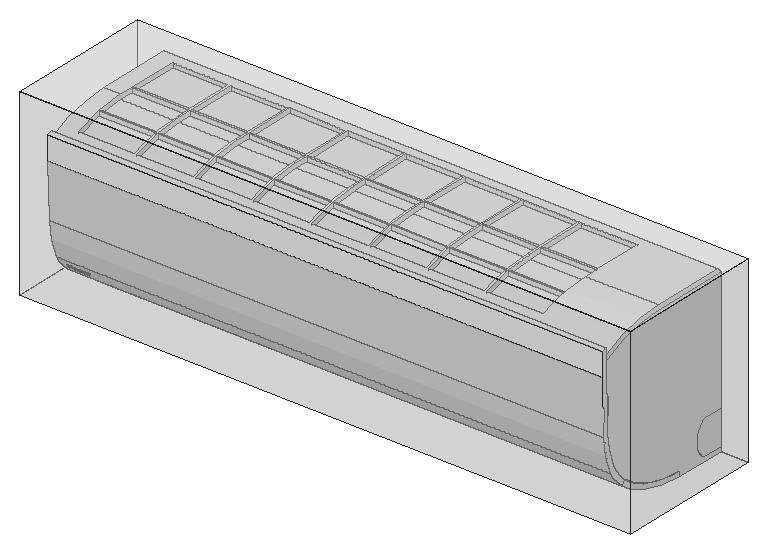
Revit family "outputfile", category 機械設備, Revit 2024
Family settings
  丸型コネクタ寸法 = 半径を使用
  パーツ タイプ = 標準
  OmniClass 番号 = 23.75.10.24.21.27.27
  OmniClass タイトル = Split System Air Conditioning Units
  作業面ベース = いいえ
  常に垂直 = はい
  ロード時にボイドで切り取り = いいえ
  注釈の向きを維持 = いいえ
  共有 = いいえ
  部屋計算ポイント = いいえ
Parameters (values of type "FTXV71QVMV")
  Description = ""
  書き出し IFC クラス(タイプ) = "IfcUnitaryEquipmentType"
  定義済み IFC タイプ(タイプ) = "AIRCONDITIONINGUNIT"
  Cost = 0
  Type Comments = ""
  Keynote = ""
  Type Image = (empty or 0)
  Assembly Code = ""
  w_wall hole = if(Width = 770.0 mm, 48.0 mm, 60.0 mm)  # 60.0 mm
  製造元 = "Daikin"
  モデル = "FTXV71QVMV"
  switch_frequency = yes
  r_Liquid Pipe Size = Liquid Pipe Size / 2  # 3.2 mm
  r_Gas Pipe Size = Gas Pipe Size / 2  # 7.95 mm
  r_Drain Pipe Size = Drain Pipe Size / 2  # 8.0 mm
  lw_powersupply [instance] = if(Width = 770.0 mm, if(or(Rear Right Connection_refrigerant, Bottom Right Connection_refrigerant), 25.0 mm, if(or(Rear Left Connection_refrigerant, Bottom Left Connection_refrigerant), 745.0 mm, 400.0 mm)), if(Width = 990.0 mm, if(or(Rear Right Connection_refrigerant, Bottom Right Connection_refrigerant), 40.0 mm, if(or(Rear Left Connection_refrigerant, Bottom Left Connection_refrigerant), 920.0 mm, 400.0 mm)), if(or(Rear Right Connection_refrigerant, Bottom Right Connection_refrigerant), 40.0 mm, if(or(Rear Left Connection_refrigerant, Bottom Left Connection_refrigerant), 920.0 mm, 400.0 mm))))  # 400.0 mm
  lw_liquidpipe [instance] = if(Width = 770.0 mm, if(or(Rear Right Connection_refrigerant, Bottom Right Connection_refrigerant), 0.0 mm, if(or(Rear Left Connection_refrigerant, Bottom Left Connection_refrigerant), 664.0 mm, 385.0 mm)), if(Width = 990.0 mm, if(or(Rear Right Connection_refrigerant, Bottom Right Connection_refrigerant), 0.0 mm, if(or(Rear Left Connection_refrigerant, Bottom Left Connection_refrigerant), 664.0 mm + (990.0 mm - 770.0 mm), 475.0 mm)), if(or(Rear Right Connection_refrigerant, Bottom Right Connection_refrigerant), 0.0 mm, if(or(Rear Left Connection_refrigerant, Bottom Left Connection_refrigerant), 664.0 mm + (990.0 mm - 770.0 mm), 475.0 mm))))  # 475.0 mm
  lw_gaspipe [instance] = if(Width = 770.0 mm, if(or(Rear Right Connection_refrigerant, Bottom Right Connection_refrigerant), 0.0 mm, if(or(Rear Left Connection_refrigerant, Bottom Left Connection_refrigerant), 675.0 mm, if(Gas Pipe Size = 12.7 mm, 345.0 mm, 335.0 mm))), if(Width = 990.0 mm, if(or(Rear Right Connection_refrigerant, Bottom Right Connection_refrigerant), 10.0 mm, if(or(Rear Left Connection_refrigerant, Bottom Left Connection_refrigerant), 890.0 mm, if(Gas Pipe Size = 15.9 mm, 410.0 mm, 400.0 mm))), if(or(Rear Right Connection_refrigerant, Bottom Right Connection_refrigerant), 10.0 mm, if(or(Rear Left Connection_refrigerant, Bottom Left Connection_refrigerant), 890.0 mm, if(Gas Pipe Size = 15.9 mm, 410.0 mm, 400.0 mm)))))  # 410.0 mm
  lw_drainpipe [instance] = if(Width = 770.0 mm, if(or(Rear Right Connection_refrigerant, Bottom Right Connection_refrigerant), 0.0 mm, if(or(Rear Left Connection_refrigerant, Bottom Left Connection_refrigerant), 770.0 mm - 48.0 mm - 48.0 mm, 440.0 mm)), if(Width = 990.0 mm, if(or(Rear Right Connection_refrigerant, Bottom Right Connection_refrigerant), 0.0 mm, if(or(Rear Left Connection_refrigerant, Bottom Left Connection_refrigerant), 675.0 mm + (990.0 mm - 770.0 mm), 435.0 mm)), if(or(Rear Right Connection_refrigerant, Bottom Right Connection_refrigerant), 0.0 mm, if(or(Rear Left Connection_refrigerant, Bottom Left Connection_refrigerant), 675.0 mm + (990.0 mm - 770.0 mm), 435.0 mm))))  # 435.0 mm
  l_powersupply_length [instance] = if(Width = 770.0 mm, if(Right Connection_refrigerant, 400.0 mm, if(Left Connection_refrigerant, 770.0 mm - 400.0 mm, if(or(Rear Left Connection_refrigerant, Rear Right Connection_refrigerant), 15.0 mm, 50.0 mm))), if(Width = 990.0 mm, if(Right Connection_refrigerant, 400.0 mm, if(Left Connection_refrigerant, 990.0 mm - 400.0 mm, if(or(Rear Left Connection_refrigerant, Rear Right Connection_refrigerant), 15.0 mm, 50.0 mm))), if(Right Connection_refrigerant, 400.0 mm, if(Left Connection_refrigerant, 990.0 mm - 400.0 mm, if(or(Rear Left Connection_refrigerant, Rear Right Connection_refrigerant), 15.0 mm, 50.0 mm)))))  # 400.0 mm
  l_liquidpipe_length [instance] = if(Width = 770.0 mm, if(Right Connection_refrigerant, 433.0 mm, if(Left Connection_refrigerant, 337.0 mm, if(or(Rear Left Connection_refrigerant, Rear Right Connection_refrigerant), 30.0 mm, 40.0 mm))), if(Width = 990.0 mm, if(Right Connection_refrigerant, 535.0 mm, if(Left Connection_refrigerant, 455.0 mm, if(or(Rear Left Connection_refrigerant, Rear Right Connection_refrigerant), 30.0 mm, 40.0 mm))), if(Right Connection_refrigerant, 535.0 mm, if(Left Connection_refrigerant, 455.0 mm, if(or(Rear Left Connection_refrigerant, Rear Right Connection_refrigerant), 30.0 mm, 40.0 mm)))))  # 535.0 mm
  l_gaspipe_length [instance] = if(Width = 770.0 mm, if(Right Connection_refrigerant, if(Gas Pipe Size = 12.7 mm, 393.0 mm, 383.0 mm), if(Left Connection_refrigerant, if(Gas Pipe Size = 12.7 mm, 770.0 mm - 393.0 mm, 770.0 mm - 383.0 mm), if(or(Rear Left Connection_refrigerant, Rear Right Connection_refrigerant), 40.0 mm, 50.0 mm))), if(Width = 990.0 mm, if(Right Connection_refrigerant, if(Gas Pipe Size = 15.9 mm, 470.0 mm, 460.0 mm), if(Left Connection_refrigerant, if(Gas Pipe Size = 15.9 mm, 990.0 mm - 470.0 mm, 990.0 mm - 460.0 mm), if(or(Rear Left Connection_refrigerant, Rear Right Connection_refrigerant), 40.0 mm, 50.0 mm))), if(Right Connection_refrigerant, if(Gas Pipe Size = 15.9 mm, 470.0 mm, 460.0 mm), if(Left Connection_refrigerant, if(Gas Pipe Size = 15.9 mm, 990.0 mm - 470.0 mm, 990.0 mm - 460.0 mm), if(or(Rear Left Connection_refrigerant, Rear Right Connection_refrigerant), 40.0 mm, 50.0 mm)))))  # 470.0 mm
  l_drainpipe_length [instance] = if(Width = 770.0 mm, if(Right Connection_refrigerant, 488.0 mm, if(Left Connection_refrigerant, 282.0 mm, if(or(Rear Left Connection_refrigerant, Rear Right Connection_refrigerant), 15.0 mm, 20.0 mm))), if(Width = 990.0 mm, if(Right Connection_refrigerant, 495.0 mm, if(Left Connection_refrigerant, 495.0 mm, if(or(Rear Left Connection_refrigerant, Rear Right Connection_refrigerant), 15.0 mm, 20.0 mm))), if(Right Connection_refrigerant, 495.0 mm, if(Left Connection_refrigerant, 495.0 mm, if(or(Rear Left Connection_refrigerant, Rear Right Connection_refrigerant), 15.0 mm, 20.0 mm)))))  # 495.0 mm
  h*** = 0.0 mm  # constant formula
  connector_voltage = Voltage_50Hz  # 230 V
  connector_powerinput = if([Power Input (Cooling)] > [Power Input (Heating)], [Power Input (Cooling)], [Power Input (Heating)])  # 0.000 kW
  connector_phase = Phase_50Hz  # 1
  angle_vertical [instance] = if(or(Bottom Left Connection_refrigerant, Bottom Right Connection_refrigerant), 0.00°, 90.00°)  # 90.00°
  angle_horizontal [instance] = if(Right Connection_refrigerant, 90.00°, if(Left Connection_refrigerant, -90.00°, if(or(Rear Left Connection_refrigerant, Rear Right Connection_refrigerant), 180.00°, 0.00°)))  # 90.00°
  Width = 990.0 mm
  Voltage_comment_50Hz = "220 - 240"
  Voltage_50Hz = 230 V
  Version = "ver.1.0"
  Unit Type = "Wall Mounted"
  Unit Mass Weight = 13.00 kg
  Unit Designation [instance] = ""
  Uniclass2015Version = "Products v1.30"
  Uniclass2015Title = "Split coil room air conditioning units"
  Uniclass2015Code = "Pr_70_65_03_86"
  URL = ""
  Total Heating Capacity [instance] = 0.000 kW
  Total Cooling Capacity [instance] = 0.000 kW
  Sound Pressure Level_M speed (dBA) = 45
  Sound Pressure Level_L speed (dBA) = 37
  Sound Pressure Level_H speed (dBA) = 49
  Sound Power Level_H speed (dB) = 0
  Series = "Single Split_Fan Coil Unit"
  Sensible Cooling Capacity [instance] = 0.000 kW
  Refrigerant Type = "R32"
  Power Input (Heating) = 0.000 kW
  Power Input (Cooling) = 0.000 kW
  Phase_50Hz = 1
  Option Accessory 3 [instance] = ""
  Option Accessory 2 [instance] = ""
  Option Accessory 1 [instance] = ""
  Nominal Heating Capacity = 8.000 kW
  Nominal Cooling Capacity = 7.100 kW
  Minimum Circuit Amps_50Hz = 0.0 A
  Minimum Airflow = 738.00 m³/h
  Median Airflow = 936.00 m³/h
  Maximum Fuse Amps_50Hz = 0.0 A
  Maximum Airflow = 1120.00 m³/h
  Material_Casing = DAIKIN_PureWhite_Casing_indoorunit
  Load Classification = HVAC
  Liquid Pipe Size = 6.4 mm
  Link_Nested Family [instance] = ""
  IfcVersion = ""
  IfcExportType = "AIRCONDITIONINGUNIT"
  IfcExportAs = "IfcUnitaryEquipmentType"
  Height = 295.0 mm
  Heating Entering Wet Bulb Temperature [instance] = 0.00 °C
  Heating Entering Dry Bulb Temperature [instance] = 0.00 °C
  Heating Ambient Wet Bulb Temperature [instance] = 0.00 °C
  Heating Ambient Dry Bulb Temperature [instance] = 0.00 °C
  Heat Exchanger Type = "Cross Fin Coil"
  Gas Pipe Size = 15.9 mm
  Frequency_50Hz = 50 Hz
  Fan Type = "Cross Flow Fan"
  Fan Drive = "Direct Drive"
  FCU Tag No. [instance] = ""
  Drain Pipe Size = 16.0 mm
  Design Supply Airflow [instance] = 0.00 m³/h
  Depth = 263.0 mm
  既定の高さ = 0.0 mm
  Cooling Entering Wet Bulb Temperature [instance] = 0.00 °C
  Cooling Entering Dry Bulb Temperature [instance] = 0.00 °C
  Cooling Ambient Wet Bulb Temperature [instance] = 0.00 °C
  Cooling Ambient Dry Bulb Temperature [instance] = 0.00 °C
  Clearance visibility [instance] = yes
  Clearance Top = 30.0 mm
  Clearance Right = 50.0 mm
  Clearance Rear = 0.0 mm
  Clearance Left = 50.0 mm
  Clearance Front = 0.0 mm
  Clearance Bottom = 0.0 mm
  Bottom Right Connection_refrigerant [instance] = no
  Bottom Left Connection_refrigerant [instance] = no
  Rear Right Connection_refrigerant [instance] = no
  Rear Left Connection_refrigerant [instance] = no
  Right Connection_refrigerant [instance] = yes
  Left Connection_refrigerant [instance] = no
Reference planes
  plane 1 "Back": y = 0
  plane 2: z = 0
  plane 3 "Center (Left/Right)": x = 0
  plane 4 "Center (Front/Back)": y = -131.5
  plane 5 "Front": y = -263
  plane 6 "Left": x = -495
  plane 7 "Right": x = 495
  plane 8 "Top": z = 0
  plane 9 "Bottom": z = -295
  plane 10: x = -545
  plane 11: x = 545
  plane 12: y = 0
  plane 13: y = -263
  plane 14: z = 30
  plane 15: z = -295
  plane 16 "lw_Piping and Wiring intake": x = 435
  plane 17 "lw_gaspipe": x = 25
  plane 18 "lw_liquidpipe": x = -40
  plane 19 "lw_drainpipe": x = 0
  plane 20 "lh_drainpipe": z = -275
  plane 21 "lh_liquidpipe": z = -255
  plane 22 "lh_gaspipe": z = -245
  plane 23 "ld_drainpipe": y = -15
  plane 24 "ld_liquidpipe": y = -30
  plane 25 "ld_gaspipe": y = -40
  plane 26 "lw_powersupply": x = 95
Dimensions and locks
  equal spacing: plane 6 "Left", plane 3 "Center (Left/Right)", plane 7 "Right"
  "Width": plane 6 "Left" to plane 7 "Right"
  equal spacing: plane 5 "Front", plane 4 "Center (Front/Back)", plane 1 "Back"
  "Depth": plane 5 "Front" to plane 1 "Back"
  "Height": plane 8 "Top" to plane 9 "Bottom"
  "Clearance Rear": plane 12 to plane 1 "Back"
  "Clearance Front": plane 13 to plane 5 "Front"
  "Clearance Top": plane 14 to plane 8 "Top"
  "Clearance Bottom": plane 9 "Bottom" to plane 15
  "w_wall hole": plane 16 "lw_Piping and Wiring intake" to plane 7 "Right"
  "lw_gaspipe": plane 17 "lw_gaspipe" to plane 16 "lw_Piping and Wiring intake"
  "lw_liquidpipe": plane 18 "lw_liquidpipe" to plane 16 "lw_Piping and Wiring intake"
  "lw_drainpipe": plane 19 "lw_drainpipe" to plane 16 "lw_Piping and Wiring intake"
  locked: plane 20 "lh_drainpipe" to plane 9 "Bottom" at 20
  locked: plane 21 "lh_liquidpipe" to plane 9 "Bottom" at 40
  locked: plane 22 "lh_gaspipe" to plane 9 "Bottom" at 50
  locked: plane 23 "ld_drainpipe" to plane 1 "Back" at 15
  locked: plane 1 "Back" to plane 24 "ld_liquidpipe" at 30
  locked: plane 1 "Back" to plane 25 "ld_gaspipe" at 40
  "lw_powersupply": plane 26 "lw_powersupply" to plane 7 "Right"
  "Clearance Left": plane 10 to plane 6 "Left"
  "Clearance Right": plane 7 "Right" to plane 11
  aligned and locked: level to plane 2
  aligned and locked: plane 12 to nested 1
  aligned and locked: nested 1 to plane 13
  aligned and locked: plane 10 to nested 1
  aligned and locked: plane 11 to nested 1
  aligned and locked: plane 15 to nested 1
  aligned and locked: plane 14 to nested 1
  aligned and locked: plane 17 "lw_gaspipe" to nested 2
  aligned and locked: nested 2 to plane 25 "ld_gaspipe"
  aligned and locked: plane 18 "lw_liquidpipe" to nested 3
  aligned and locked: nested 3 to plane 24 "ld_liquidpipe"
  aligned and locked: plane 19 "lw_drainpipe" to nested 4
  aligned and locked: nested 4 to plane 23 "ld_drainpipe"
  aligned and locked: nested 5 to plane 23 "ld_drainpipe"
  aligned and locked: plane 26 "lw_powersupply" to nested 5
  aligned and locked: level to plane 8 "Top"
  aligned and locked: plane 3 "Center (Left/Right)" to nested 6
  aligned and locked: plane 1 "Back" to nested 6
  aligned and locked: plane 8 "Top" to nested 6
Nested families
  nested 1: "daikin_clearancespace" at (0, -131.5, -132.381), show <- "Clearance visibility", visible <- "Clearance visibility", Link_Nested Family <- "Link_Nested Family", type "daikin_clearancespace"
    with width 1090.0 mm, show yes, height 325.0 mm, depth 263.0 mm, Link_Nested Family ""
  nested 2: "daikin_connector_rotate3" at (25, -40, -245), angle_vertical <- "angle_vertical", angle_horizontal <- "angle_horizontal", length <- "l_gaspipe_length", radius <- "r_Gas Pipe Size", type "daikin_connector_rotate3"
    with show no, radius 7.95 mm, length 470.0 mm, angle_vertical 90.00°, angle_horizontal 90.00°
  nested 3: "daikin_connector_rotate3" at (-40, -30, -255), angle_vertical <- "angle_vertical", angle_horizontal <- "angle_horizontal", radius <- "r_Liquid Pipe Size", length <- "l_liquidpipe_length", type "daikin_connector_rotate3"
    with show no, radius 3.2 mm, length 535.0 mm, angle_vertical 90.00°, angle_horizontal 90.00°
  nested 4: "daikin_connector_rotate3" at (0, -15, -275), angle_vertical <- "angle_vertical", angle_horizontal <- "angle_horizontal", length <- "l_drainpipe_length", radius <- "r_Drain Pipe Size", type "daikin_connector_rotate3"
    with show no, radius 8.0 mm, length 495.0 mm, angle_vertical 90.00°, angle_horizontal 90.00°
  nested 5: "daikin_connector_rotate3" at (95, -15, -245), angle_vertical <- "angle_vertical", angle_horizontal <- "angle_horizontal", length <- "l_powersupply_length", type "daikin_connector_rotate3"
    with show no, radius 10.0 mm, length 400.0 mm, angle_vertical 90.00°, angle_horizontal 90.00°
  nested 6: "DAIKIN_indoorunit_FTXV-QVMV" at (-31, 0, 0), type "FTXV-QVMV"
    with switch_unit1_50-71 yes, switch_unit1_25-35 no, Width 990.0 mm, WALL HOLE-R 60.0 mm, WALL HOLE Size 80.0 mm, Height 295.0 mm
Connectors
  piping at (495, -40, -245), diameter 15.9, driven by "r_Gas Pipe Size"
    settings: on nested 2, index 1, connector inside diameter 609.6 mm, connector length 0.0 mm, flow factor 0, pipe flow 0.00 m³/h, pressure drop 0.0 Pa, fitting loss kfactor 0, connector angle 0.00°, fixture units 0, engagement length 0.0 mm, angle of deflection 0.00°, flow configuration 1, flow direction 2, fitting loss method 0, system type 29, joint type 0, gender type 0, connector reference index -1, connector utility 0, adjustable connector no, is connector primary yes, connector description "Refrigerant Gas Piping"
  piping at (495, -30, -255), diameter 6.4, driven by "r_Liquid Pipe Size"
    settings: on nested 3, index 2, connector inside diameter 609.6 mm, connector length 0.0 mm, flow factor 0, pipe flow 0.00 m³/h, pressure drop 0.0 Pa, fitting loss kfactor 0, connector angle 0.00°, fixture units 0, engagement length 0.0 mm, angle of deflection 0.00°, flow configuration 1, flow direction 1, fitting loss method 0, system type 29, joint type 0, gender type 0, connector reference index -1, connector utility 0, adjustable connector no, is connector primary no, connector description "Refrigerant Liquid Piping"
  piping at (495, -15, -275), diameter 16, driven by "r_Drain Pipe Size"
    settings: on nested 4, index 3, connector inside diameter 609.6 mm, connector length 0.0 mm, flow factor 0, pipe flow 0.00 m³/h, pressure drop 0.0 Pa, fitting loss kfactor 0, connector angle 0.00°, fixture units 0, engagement length 0.0 mm, angle of deflection 0.00°, flow configuration 1, flow direction 2, fitting loss method 4, system type 16, joint type 0, gender type 0, connector reference index -1, connector utility 0, adjustable connector no, is connector primary no, connector description "Condensate Drain Piping"
  electrical at (495, -15, -245), driven by "Load Classification", driven by "connector_powerinput", driven by "connector_phase", driven by "connector_voltage"
    settings: on nested 5, index 4, voltage 230 V, apparent load 0 VA, apparent load phase1 0 VA, apparent load phase2 0 VA, apparent load phase3 0 VA, power factor 1, load classification "HVAC", number of poles 1, system type 30, power factor state 1, is connector primary yes, connector utility no, sub classification motor no, connector description "Power Supply"
Definition of nested family "daikin_clearancespace"
  Parameters (values of type "daikin_clearancespace")
    Description = "daikin_clearancespace"
    width [instance] = 1823.963 mm
    show [instance] = yes
    material = none
    height [instance] = 1359.762 mm
    depth [instance] = 880.0 mm
    Default Elevation = 0.0 mm
    Link_Nested Family [instance] = ""
  Reference planes
    plane 1 "Center (Front/Back)": y = 0
    plane 2 "Center (Elevation)": z = -0.119
    plane 3 "Center (Left/Right)": x = 0
    plane 4: y = 440
    plane 5: y = -440
    plane 6 "Right": x = 911.982
    plane 7 "Left": x = -911.982
    plane 8 "Top": z = 679.762
    plane 9 "Bottom": z = -680
  Forms (mm)
    Extrusion 1, solid, material <- "material", visible <- "show"
      sketch origin (0, 0, 0) x (1, 0, 0) y (0, 1, 0)
        loop
          line (-911.982, 440) -> (-911.982, -440) -> (911.982, -440) -> (911.982, 440) -> (-911.982, 440)
      from -680 to 679.762
  Lines and regions (mm)
    symbolic lines, visible <- "show"
      curve 1: line (911.982, 440, 0) -> (-911.982, 440, 0)
      curve 2: line (-911.982, 440, 0) -> (-911.982, -440, 0)
      curve 3: line (-911.982, -440, 0) -> (911.982, -440, 0)
      curve 4: line (911.982, -440, 0) -> (911.982, 440, 0)
      curve 5: line (911.982, 0, 679.762) -> (-911.982, 0, 679.762)
      curve 6: line (911.982, 0, -680) -> (911.982, 0, 679.762)
      curve 7: line (-911.982, 0, -680) -> (911.982, 0, -680)
      curve 8: line (-911.982, 0, 679.762) -> (-911.982, 0, -680)
      curve 9: line (0, 440, 679.762) -> (0, -440, 679.762)
      curve 10: line (0, -440, 679.762) -> (0, -440, -680)
      curve 11: line (0, 440, -680) -> (0, 440, 679.762)
      curve 12: line (0, -440, -680) -> (0, 440, -680)
  Dimensions and locks
    "width": plane 7 "Left" to plane 6 "Right"
    "depth": plane 4 to plane 5
    "height": plane 8 "Top" to plane 9 "Bottom"
    equal spacing: plane 7 "Left", plane 3 "Center (Left/Right)", plane 6 "Right"
    equal spacing: plane 4, plane 1 "Center (Front/Back)", plane 5
    equal spacing: plane 8 "Top", plane 2 "Center (Elevation)", plane 9 "Bottom"
    aligned and locked: level to plane 2 "Center (Elevation)"
    aligned and locked: Extrusion 1 sketch curve to plane 4
    aligned and locked: plane 7 "Left" to Extrusion 1 sketch curve
    aligned and locked: Extrusion 1 sketch curve to plane 5
    aligned and locked: Extrusion 1 sketch curve to plane 6 "Right"
    aligned and locked: plane 8 "Top" to Extrusion 1
    aligned and locked: curve 1 to Extrusion 1
    aligned and locked: curve 2 to Extrusion 1
    aligned and locked: curve 3 to Extrusion 1
    aligned and locked: curve 4 to Extrusion 1
    aligned and locked: curve 5 to Extrusion 1
    aligned and locked: curve 6 to Extrusion 1
    aligned and locked: curve 7 to Extrusion 1
    aligned and locked: curve 8 to Extrusion 1
    aligned and locked: curve 9 to Extrusion 1
    aligned and locked: curve 10 to Extrusion 1
    aligned and locked: curve 11 to Extrusion 1
    aligned and locked: curve 12 to Extrusion 1
    aligned and locked: Extrusion 1 to plane 9 "Bottom"
Definition of nested family "DAIKIN_indoorunit_FTXV-QVMV"
  Parameters (values of type "CTKM-RVMV")
    switch_unit1_50-71 = Width = 990.0 mm  # no
    switch_unit1_25-35 = Width = 770.0 mm  # yes
    Width = 770.0 mm
    WALL HOLE-R = if(Width = 770.0 mm, 48.0 mm, 60.0 mm)  # 48.0 mm
    WALL HOLE Size = if(Width = 770.0 mm, 65.0 mm, 80.0 mm)  # 65.0 mm
    Material_Casing = none
    Height = if(Width = 770.0 mm, 285.0 mm, 295.0 mm)  # 285.0 mm
    Default Elevation = 0.0 mm
  Reference planes
    plane 1 "Center (Front/Back)": y = 0
    plane 2 "reference_level": z = 0
    plane 3 "Center (Left/Right)": x = 31
    plane 4: x = -354
    plane 5: x = 416
    plane 6: z = -285
  Forms (mm)
    Extrusion 1, solid, material <- "Material_Casing", visible <- "switch_unit1_25-35"
      sketch origin (29, 0, 0) x (0, 1, 0) y (0, 0, 1)
        loop
          line (-5, 0) -> (-98, 0)
          arc (-98, 0) -> (-157.611, -7.211) -> (-213.783, -28.427) r 250
          arc (-213.783, -28.427) -> (-213.842, -32.972) -> (-213.892, -37.516) r 2191
          arc (-213.892, -37.516) -> (-157.832, -15.495) -> (-98.07, -8) r 242
          line (-98.07, -8) -> (0, -8) -> (-5, 0)
      from -383 to 387
    Extrusion 2, solid, material <- "Material_Casing", visible <- "switch_unit1_25-35"
      sketch origin (416, 1296.25, 1200) x (0, 1, 0) y (0, 0, 1)
        loop
          line (-1472.998, -1446.91) -> (-1476.998, -1453.839)
          arc (-1476.998, -1453.839) -> (-1437.481, -1472.422) -> (-1395.25, -1483.538) r 240
          line (-1395.25, -1483.538) -> (-1395.25, -1475.422)
          arc (-1395.25, -1475.422) -> (-1435.407, -1464.663) -> (-1472.998, -1446.91) r 232
      from 0 to -47.5
    Extrusion 3, solid, material <- "Material_Casing", visible <- "switch_unit1_25-35"
      sketch origin (29, 0, 0) x (0, 1, 0) y (0, 0, 1)
        loop
          arc (-223, -60.455) -> (-222.414, -110.646) -> (-220.656, -160.81) r 2149.92
          arc (-220.656, -160.81) -> (-219.65, -174.299) -> (-217.853, -187.706) r 229.911
          arc (-217.853, -187.706) -> (-205.371, -223.594) -> (-181.517, -253.17) r 111
          line (-181.517, -253.17) -> (-177.429, -246.093)
          arc (-177.429, -246.093) -> (-198.77, -218.989) -> (-209.965, -186.36) r 103
          arc (-209.965, -186.36) -> (-211.681, -173.586) -> (-212.651, -160.735) r 221.844
          arc (-212.651, -160.735) -> (-214.739, -93.233) -> (-214.74, -25.699) r 2186.828
          arc (-214.74, -25.699) -> (-214.671, -21.467) -> (-214.594, -17.235) r 2192
          line (-214.594, -17.235) -> (-223, -19.961) -> (-223, -60.455)
      from -383 to 387
    Extrusion 4, solid, material <- "Material_Casing", visible <- "switch_unit1_25-35"
      sketch origin (29, 0, -20) x (0, 1, 0) y (0, 0, 1)
        loop
          line (0, -265) -> (0, 12) -> (-98.07, 12)
          arc (-98.07, 12) -> (-157.832, 4.505) -> (-213.892, -17.516) r 242
          arc (-213.892, -17.516) -> (-213.638, -79.114) -> (-211.653, -140.681) r 2191
          arc (-211.653, -140.681) -> (-210.685, -153.501) -> (-208.973, -166.243) r 221
          arc (-208.973, -166.243) -> (-197.471, -199.282) -> (-175.482, -226.491) r 102
          arc (-175.482, -226.491) -> (-138.004, -244.019) -> (-98, -254.579) r 231
          line (-98, -254.579) -> (-98, -265) -> (0, -265)
      from -383 to 387
    Extrusion 5, solid, material <- "Material_Casing", visible <- "switch_unit1_25-35"
      sketch origin (-354, 1296.25, 1200) x (0, 1, 0) y (0, 0, 1)
        loop
          line (-1472.998, -1446.91) -> (-1476.998, -1453.839)
          arc (-1476.998, -1453.839) -> (-1437.481, -1472.422) -> (-1395.25, -1483.538) r 240
          line (-1395.25, -1483.538) -> (-1395.25, -1475.422)
          arc (-1395.25, -1475.422) -> (-1435.407, -1464.663) -> (-1472.998, -1446.91) r 232
      from 47 to 0
    Extrusion 6, solid, material <- "Material_Casing", visible <- "switch_unit1_25-35"
      sketch origin (416, 1296.25, 1200) x (0, 1, 0) y (0, 0, 1)
        loop
          line (-1472.998, -1446.91) -> (-1476.998, -1453.839)
          arc (-1476.998, -1453.839) -> (-1443.437, -1470.168) -> (-1407.75, -1481.097) r 240
          line (-1407.75, -1481.097) -> (-1407.75, -1472.894)
          arc (-1407.75, -1472.894) -> (-1441.363, -1462.385) -> (-1472.998, -1446.91) r 232
      from -116.993 to -48.493
    Extrusion 7, solid, material <- "Material_Casing", visible <- "switch_unit1_25-35"
      sketch origin (416, 1296.25, 1200) x (0, 1, 0) y (0, 0, 1)
        loop
          line (-1472.998, -1446.91) -> (-1476.998, -1453.839)
          arc (-1476.998, -1453.839) -> (-1443.437, -1470.168) -> (-1407.75, -1481.097) r 240
          line (-1407.75, -1481.097) -> (-1407.75, -1472.894)
          arc (-1407.75, -1472.894) -> (-1441.363, -1462.385) -> (-1472.998, -1446.91) r 232
      from -717 to -121.993
    Extrusion 8, void
      sketch origin (31, 0, -235) x (1, 0, 0) y (0, 1, 0)
        loop
          line (-252.674, -22.316) -> (-354.941, -22.316) -> (-354.941, -91.341) -> (-252.674, -91.341) -> (-252.674, -22.316)
        loop
          line (-249.341, -91.341) -> (-151.574, -91.341) -> (-151.574, -22.316) -> (-249.341, -22.316) -> (-249.341, -91.341)
        loop
          line (58.309, -22.316) -> (-148.309, -22.316) -> (-148.309, -91.341) -> (58.309, -91.341) -> (58.309, -22.316)
        loop
          line (61.689, -22.316) -> (61.689, -91.341) -> (159.457, -91.341) -> (159.457, -22.316) -> (61.689, -22.316)
        loop
          line (162.789, -22.316) -> (162.789, -91.341) -> (265.057, -91.341) -> (265.057, -22.316) -> (162.789, -22.316)
        loop
          line (-354.941, -94.659) -> (-354.941, -165.259) -> (-252.674, -165.259) -> (-252.674, -94.659) -> (-354.941, -94.659)
        loop
          line (-249.341, -94.659) -> (-249.341, -165.259) -> (-151.574, -165.259) -> (-151.574, -94.659) -> (-249.341, -94.659)
        loop
          line (-148.309, -94.659) -> (-148.309, -165.259) -> (58.309, -165.259) -> (58.309, -94.659) -> (-148.309, -94.659)
        loop
          line (61.689, -94.659) -> (61.689, -165.259) -> (159.457, -165.259) -> (159.457, -94.659) -> (61.689, -94.659)
        loop
          line (162.789, -94.659) -> (162.789, -165.259) -> (265.057, -165.259) -> (265.057, -94.659) -> (162.789, -94.659)
        loop
          line (-354.941, -167.382) -> (-354.941, -192.681) -> (-252.674, -192.681) -> (-252.674, -167.382) -> (-354.941, -167.382)
        loop
          line (-249.341, -167.382) -> (-249.341, -192.681) -> (-151.574, -192.681) -> (-151.574, -167.382) -> (-249.341, -167.382)
        loop
          line (-148.309, -167.382) -> (-148.309, -192.681) -> (58.309, -192.681) -> (58.309, -167.382) -> (-148.309, -167.382)
        loop
          line (159.457, -167.382) -> (61.689, -167.382) -> (61.689, -192.681) -> (159.457, -192.681) -> (159.457, -167.382)
        loop
          line (265.057, -167.382) -> (162.789, -167.382) -> (162.789, -192.681) -> (265.057, -192.681) -> (265.057, -167.382)
      from 201.638 to 250
    Extrusion 9, solid, material <- "Material_Casing"
      sketch origin (31, 0, 0) x (1, 0, 0) y (0, 0, 1)
        loop
          circle (337, -240.5) r 32.5
        loop
          circle (-337, -240.5) r 32.5
      from 0 to 5
    Extrusion 10, solid, material <- "Material_Casing", visible <- "switch_unit1_25-35"
      sketch origin (416, 1296.25, 1200) x (0, -1, 0) y (0, 0, 1)
        loop
          line (1326.25, -1417) -> (1296.25, -1417) -> (1296.25, -1477) -> (1326.25, -1477)
          arc (1326.25, -1477) -> (1340.393, -1471.142) -> (1346.25, -1457) r 20
          line (1346.25, -1457) -> (1346.25, -1437)
          arc (1346.25, -1437) -> (1340.393, -1422.858) -> (1326.25, -1417) r 20
      from 0 to 5
    Extrusion 11, solid, material <- "Material_Casing", visible <- "switch_unit1_25-35"
      sketch origin (-354, 1296.25, 1200) x (0, 1, 0) y (0, 0, 1)
        loop
          line (-1296.25, -1417) -> (-1326.25, -1417)
          arc (-1326.25, -1417) -> (-1340.393, -1422.858) -> (-1346.25, -1437) r 20
          line (-1346.25, -1437) -> (-1346.25, -1457)
          arc (-1346.25, -1457) -> (-1340.393, -1471.142) -> (-1326.25, -1477) r 20
          line (-1326.25, -1477) -> (-1296.25, -1477) -> (-1296.25, -1417)
      from 0 to 5
    Extrusion 12, solid, material <- "Material_Casing", visible <- "switch_unit1_25-35"
      sketch origin (31, 0, -285) x (-1, 0, 0) y (0, -1, 0)
        loop
          line (-314, 0) -> (-314, 30)
          arc (-314, 30) -> (-319.858, 44.142) -> (-334, 50) r 20
          line (-334, 50) -> (-354, 50)
          arc (-354, 50) -> (-368.142, 44.142) -> (-374, 30) r 20
          line (-374, 30) -> (-374, 0) -> (-314, 0)
        loop
          line (374, 0) -> (374, 30)
          arc (374, 30) -> (368.142, 44.142) -> (354, 50) r 20
          line (354, 50) -> (334, 50)
          arc (334, 50) -> (319.858, 44.142) -> (314, 30) r 20
          line (314, 30) -> (314, 0) -> (374, 0)
      from 0 to 5
    Extrusion 13, solid, material <- "Material_Casing", visible <- "switch_unit1_50-71"
      sketch origin (31, 0, 0) x (0, 1, 0) y (0, 0, 1)
        loop
          line (-5, 0) -> (-138, 0)
          arc (-138, 0) -> (-197.611, -7.211) -> (-253.783, -28.427) r 250
          arc (-253.783, -28.427) -> (-253.838, -32.687) -> (-253.886, -36.946) r 2191
          arc (-253.886, -36.946) -> (-197.73, -15.346) -> (-138.014, -8) r 246.393
          line (-138.014, -8) -> (0, -8) -> (-5, 0)
      from -495 to 495
    Extrusion 14, solid, material <- "Material_Casing", visible <- "switch_unit1_50-71"
      sketch origin (418, 1296.25, 1200) x (0, 1, 0) y (0, 0, 1)
        loop
          arc (-1515.208, -1454.149) -> (-1506.856, -1460.599) -> (-1497.925, -1466.219) r 110
          arc (-1497.925, -1466.219) -> (-1445.718, -1487.493) -> (-1389.844, -1494.995) r 223
          line (-1389.844, -1494.995) -> (-1389.844, -1486.086) -> (-1404.386, -1486.086)
          arc (-1404.386, -1486.086) -> (-1449.542, -1477.46) -> (-1491.818, -1459.402) r 214.289
          arc (-1491.818, -1459.402) -> (-1501.056, -1453.541) -> (-1509.606, -1446.715) r 101
          line (-1509.606, -1446.715) -> (-1515.208, -1454.149)
      from 108 to 57.5
    Extrusion 15, solid, material <- "Material_Casing", visible <- "switch_unit1_50-71"
      sketch origin (31, 0, 0) x (0, 1, 0) y (0, 0, 1)
        loop
          line (-263, -19.962) -> (-263, -61.6)
          arc (-263, -61.6) -> (-262.414, -110.219) -> (-260.656, -158.81) r 2017.341
          arc (-260.656, -158.81) -> (-255.648, -191.935) -> (-244.041, -223.362) r 164.725
          arc (-244.041, -223.362) -> (-233.569, -239.793) -> (-219.717, -253.495) r 87.379
          line (-219.717, -253.495) -> (-214.706, -246.846)
          arc (-214.706, -246.846) -> (-229.564, -230.029) -> (-240.385, -210.371) r 102
          arc (-240.385, -210.371) -> (-249.049, -182.962) -> (-252.848, -154.467) r 165.789
          arc (-252.848, -154.467) -> (-254.771, -90.102) -> (-254.74, -25.708) r 2122.533
          arc (-254.74, -25.708) -> (-254.671, -21.469) -> (-254.594, -17.23) r 2192
          line (-254.594, -17.23) -> (-263, -19.962)
      from -495 to 495
    Extrusion 16, void
      sketch origin (33, 0, 0) x (1, 0, 0) y (0, 1, 0)
        loop
          line (-466.909, -22.316) -> (-466.909, -111.341) -> (-366.303, -111.341) -> (-366.303, -22.316) -> (-466.909, -22.316)
        loop
          line (-362.71, -22.316) -> (-362.71, -111.341) -> (-262.103, -111.341) -> (-262.103, -22.316) -> (-362.71, -22.316)
        loop
          line (-258.51, -22.316) -> (-258.51, -111.341) -> (-157.904, -111.341) -> (-157.904, -22.316) -> (-258.51, -22.316)
        loop
          line (-154.31, -22.316) -> (-154.31, -111.341) -> (-53.704, -111.341) -> (-53.704, -22.316) -> (-154.31, -22.316)
        loop
          line (-50.11, -22.316) -> (-50.11, -111.341) -> (50.496, -111.341) -> (50.496, -22.316) -> (-50.11, -22.316)
        loop
          line (54.089, -22.316) -> (54.089, -111.341) -> (154.696, -111.341) -> (154.696, -22.316) -> (54.089, -22.316)
        loop
          line (158.289, -22.316) -> (158.289, -111.341) -> (258.895, -111.341) -> (258.895, -22.316) -> (158.289, -22.316)
        loop
          line (262.489, -22.316) -> (262.489, -111.341) -> (363.095, -111.341) -> (363.095, -22.316) -> (262.489, -22.316)
        loop
          line (-466.909, -114.459) -> (-466.909, -185.059) -> (-366.303, -185.059) -> (-366.303, -114.459) -> (-466.909, -114.459)
        loop
          line (-362.71, -114.459) -> (-362.71, -185.059) -> (-262.103, -185.059) -> (-262.103, -114.459) -> (-362.71, -114.459)
        loop
          line (-258.51, -114.459) -> (-258.51, -185.059) -> (-157.904, -185.059) -> (-157.904, -114.459) -> (-258.51, -114.459)
        loop
          line (-154.31, -114.459) -> (-154.31, -185.059) -> (-53.704, -185.059) -> (-53.704, -114.459) -> (-154.31, -114.459)
        loop
          line (-50.11, -114.459) -> (-50.11, -185.059) -> (50.496, -185.059) -> (50.496, -114.459) -> (-50.11, -114.459)
        loop
          line (54.089, -114.459) -> (54.089, -185.059) -> (154.696, -185.059) -> (154.696, -114.459) -> (54.089, -114.459)
        loop
          line (158.289, -114.459) -> (158.289, -185.059) -> (258.895, -185.059) -> (258.895, -114.459) -> (158.289, -114.459)
        loop
          line (262.489, -114.459) -> (262.489, -185.059) -> (363.095, -185.059) -> (363.095, -114.459) -> (262.489, -114.459)
        loop
          line (-466.909, -187.382) -> (-466.909, -232.681) -> (-366.303, -232.681) -> (-366.303, -187.382) -> (-466.909, -187.382)
        loop
          line (-362.71, -187.382) -> (-362.71, -232.681) -> (-262.103, -232.681) -> (-262.103, -187.382) -> (-362.71, -187.382)
        loop
          line (-258.51, -187.382) -> (-258.51, -232.681) -> (-157.904, -232.681) -> (-157.904, -187.382) -> (-258.51, -187.382)
        loop
          line (-154.31, -187.382) -> (-154.31, -232.681) -> (-53.704, -232.681) -> (-53.704, -187.382) -> (-154.31, -187.382)
        loop
          line (-50.11, -187.382) -> (-50.11, -232.681) -> (50.496, -232.681) -> (50.496, -187.382) -> (-50.11, -187.382)
        loop
          line (54.089, -187.382) -> (54.089, -232.681) -> (154.696, -232.681) -> (154.696, -187.382) -> (54.089, -187.382)
        loop
          line (158.289, -187.382) -> (158.289, -232.681) -> (258.895, -232.681) -> (258.895, -187.382) -> (158.289, -187.382)
        loop
          line (262.489, -187.382) -> (262.489, -232.681) -> (363.095, -232.681) -> (363.095, -187.382) -> (262.489, -187.382)
      from -40.013 to 47.268
    Extrusion 17, solid, material <- "Material_Casing", visible <- "switch_unit1_50-71"
      sketch origin (-356, 1296.25, 1200) x (0, 1, 0) y (0, 0, -1)
        loop
          line (-1515.208, 1454.149) -> (-1509.606, 1446.715)
          arc (-1509.606, 1446.715) -> (-1501.056, 1453.541) -> (-1491.818, 1459.402) r 101
          arc (-1491.818, 1459.402) -> (-1449.542, 1477.46) -> (-1404.386, 1486.086) r 214.289
          line (-1404.386, 1486.086) -> (-1389.844, 1486.086) -> (-1389.844, 1494.995)
          arc (-1389.844, 1494.995) -> (-1445.718, 1487.493) -> (-1497.925, 1466.219) r 223
          arc (-1497.925, 1466.219) -> (-1506.856, 1460.599) -> (-1515.208, 1454.149) r 110
      from 108 to 61
    Extrusion 18, solid, material <- "Material_Casing", visible <- "switch_unit1_50-71"
      sketch origin (418, 1296.25, 1200) x (0, 1, 0) y (0, 0, 1)
        loop
          arc (-1515.208, -1454.149) -> (-1506.856, -1460.599) -> (-1497.925, -1466.219) r 110
          arc (-1497.925, -1466.219) -> (-1463.185, -1482.066) -> (-1426.25, -1491.755) r 223
          line (-1426.25, -1491.755) -> (-1426.25, -1483.166)
          arc (-1426.25, -1483.166) -> (-1460.008, -1473.969) -> (-1491.818, -1459.402) r 214.289
          arc (-1491.818, -1459.402) -> (-1501.056, -1453.541) -> (-1509.606, -1446.715) r 101
          line (-1509.606, -1446.715) -> (-1515.208, -1454.149)
      from 56.5 to -36.993
    Extrusion 19, solid, material <- "Material_Casing", visible <- "switch_unit1_50-71"
      sketch origin (418, 1296.25, 1200) x (0, 1, 0) y (0, 0, 1)
        loop
          arc (-1426.25, -1483.166) -> (-1443.442, -1479.224) -> (-1460.25, -1473.881) r 214.289
          line (-1460.25, -1473.881) -> (-1460.25, -1483.089)
          arc (-1460.25, -1483.089) -> (-1443.421, -1488.091) -> (-1426.25, -1491.755) r 223
          line (-1426.25, -1491.755) -> (-1426.25, -1483.166)
      from -43.493 to -828.893
    Extrusion 20, solid, material <- "Material_Casing", visible <- "switch_unit1_50-71"
      sketch origin (418, 1296.25, 1200) x (0, 1, 0) y (0, 0, 1)
        loop
          arc (-1515.208, -1454.149) -> (-1506.856, -1460.599) -> (-1497.925, -1466.219) r 110
          arc (-1497.925, -1466.219) -> (-1479.479, -1475.527) -> (-1460.25, -1483.089) r 223
          line (-1460.25, -1483.089) -> (-1460.25, -1473.881)
          arc (-1460.25, -1473.881) -> (-1476.328, -1467.282) -> (-1491.818, -1459.402) r 214.289
          arc (-1491.818, -1459.402) -> (-1501.056, -1453.541) -> (-1509.606, -1446.715) r 101
          line (-1509.606, -1446.715) -> (-1515.208, -1454.149)
      from -43.493 to -828.893
    Extrusion 21, solid, material <- "Material_Casing", visible <- "switch_unit1_50-71"
      sketch origin (31, 0, -30) x (0, 1, 0) y (0, 0, 1)
        loop
          line (0, 22) -> (-138.014, 22)
          arc (-138.014, 22) -> (-197.73, 14.654) -> (-253.886, -6.946) r 246.393
          arc (-253.886, -6.946) -> (-253.682, -65.635) -> (-251.855, -124.295) r 2120.935
          arc (-251.855, -124.295) -> (-248.086, -152.682) -> (-239.461, -179.988) r 164.789
          arc (-239.461, -179.988) -> (-228.903, -199.231) -> (-214.437, -215.738) r 101
          line (-214.437, -215.738) -> (-212.406, -216.221)
          arc (-212.406, -216.221) -> (-204.07, -222.837) -> (-195.079, -228.53) r 100
          arc (-195.079, -228.53) -> (-145.557, -248.629) -> (-92.593, -255.785) r 213.289
          line (-92.593, -255.785) -> (-92.593, -265) -> (0, -265) -> (0, 22)
      from -495 to 495
    Extrusion 22, solid, material <- "Material_Casing", visible <- "switch_unit1_50-71"
      sketch origin (526, 1296.25, 1200) x (0, -1, 0) y (0, 0, 1)
        loop
          line (1326.25, -1427.035) -> (1296.25, -1427.035) -> (1296.25, -1487.035) -> (1326.25, -1487.035)
          arc (1326.25, -1487.035) -> (1340.393, -1481.177) -> (1346.25, -1467.035) r 20
          line (1346.25, -1467.035) -> (1346.25, -1447.035)
          arc (1346.25, -1447.035) -> (1340.393, -1432.892) -> (1326.25, -1427.035) r 20
      from 0 to 5
    Extrusion 23, solid, material <- "Material_Casing", visible <- "switch_unit1_50-71"
      sketch origin (-459, 1296.25, 1200) x (0, -1, 0) y (0, 0, 1)
        loop
          line (1326.25, -1427.035) -> (1296.25, -1427.035) -> (1296.25, -1487.035) -> (1326.25, -1487.035)
          arc (1326.25, -1487.035) -> (1340.393, -1481.177) -> (1346.25, -1467.035) r 20
          line (1346.25, -1467.035) -> (1346.25, -1447.035)
          arc (1346.25, -1447.035) -> (1340.393, -1432.892) -> (1326.25, -1427.035) r 20
      from 0 to 5
    Extrusion 24, solid, material <- "Material_Casing", visible <- "switch_unit1_50-71"
      sketch origin (31, 200, -295) x (-1, 0, 0) y (0, -1, 0)
        loop
          line (469, 200) -> (469, 230)
          arc (469, 230) -> (463.142, 244.142) -> (449, 250) r 20
          line (449, 250) -> (429, 250)
          arc (429, 250) -> (414.858, 244.142) -> (409, 230) r 20
          line (409, 230) -> (409, 200) -> (469, 200)
        loop
          line (-469, 200) -> (-409, 200) -> (-409, 230)
          arc (-409, 230) -> (-414.858, 244.142) -> (-429, 250) r 20
          line (-429, 250) -> (-449, 250)
          arc (-449, 250) -> (-463.142, 244.142) -> (-469, 230) r 20
          line (-469, 230) -> (-469, 200)
      from 0 to 5
  Cuts and joins
    Extrusion 8 cuts Extrusion 1
    Extrusion 16 cuts Extrusion 13
  Lines and regions (mm)
    reference lines
      curve 1: line (-523, -201.911, -229.404) -> (-523, -193.542, -239.977)
      curve 2: line (-523, -240.779, -229.404) -> (-523, -232.411, -239.977)
  Dimensions and locks
    locked: Extrusion 10 sketch curve to Extrusion 10 sketch curve at 60
    locked: Extrusion 10 sketch curve to Extrusion 10 sketch curve at 50
    locked: Extrusion 12 sketch curve to Extrusion 12 sketch curve at 60  (x2)
    locked: Extrusion 12 sketch curve to Extrusion 12 sketch curve at 50
    equal spacing: plane 5, plane 3 "Center (Left/Right)", plane 4
    "Width": plane 5 to plane 4
    locked: Extrusion 9 sketch curve to plane 4 at 48
    "WALL HOLE-R": plane 5 to Extrusion 9 sketch curve
    "Height": plane 2 "reference_level" to plane 6
    locked: Extrusion 9 sketch curve to plane 6 at 44.5  (x2)
    locked: Extrusion 15 to nested 2 at 15
    locked: Extrusion 22 sketch curve to Extrusion 22 sketch curve at 60
    locked: Extrusion 22 sketch curve to Extrusion 22 sketch curve at 50
    locked: Extrusion 23 sketch curve to Extrusion 23 sketch curve at 60
    locked: Extrusion 23 sketch curve to Extrusion 23 sketch curve at 50
    locked: Extrusion 24 sketch curve to Extrusion 24 sketch curve at 60  (x2)
    locked: Extrusion 24 sketch curve to Extrusion 24 sketch curve at 50  (x2)
    "WALL HOLE Size": diameter of Extrusion 9 sketch curve  (x2)
    aligned and locked: level to plane 2 "reference_level"
    aligned and locked: nested 1 to curve 1
    aligned and locked: Extrusion 11 sketch curve to Extrusion 10  (x4)
    aligned and locked: Extrusion 12 sketch curve to Extrusion 12 sketch curve  (x2)
    aligned and locked: Extrusion 9 to plane 1 "Center (Front/Back)"
    aligned and locked: nested 2 to curve 2
  Automatic sketch dimensions
    curve 1 to level = 239.977 mm
    plane 1 "Center (Front/Back)" to curve 1 = 193.542 mm
    curve 2 to curve 1 = 0.0 mm
    curve 2 to curve 2 = 10.573 mm
    curve 1 to curve 1 = 10.573 mm
    curve 1 to curve 1 = 8.368 mm
    curve 1 to curve 2 = 30.5 mm
    curve 2 to curve 2 = 8.368 mm
    Extrusion 1 sketch curve to level = 0.0 mm
    Extrusion 1 sketch curve to plane 1 "Center (Front/Back)" = 0.0 mm
    plane 1 "Center (Front/Back)" to Extrusion 1 sketch curve = 5.0 mm
    plane 1 "Center (Front/Back)" to Extrusion 1 sketch curve = 98.0 mm
    Extrusion 1 sketch curve to Extrusion 1 sketch curve = 0.07 mm
    Extrusion 1 sketch curve to level = 59.292 mm
    Extrusion 1 sketch curve to plane 1 "Center (Front/Back)" = 1977.0 mm
    Extrusion 1 sketch curve to level = 250.0 mm
    Extrusion 1 sketch curve to Extrusion 1 sketch curve = 0.0 mm
    Extrusion 1 sketch curve to level = 8.0 mm
    Extrusion 1 sketch curve to level = 28.427 mm
    plane 1 "Center (Front/Back)" to Extrusion 2 sketch curve = 180.748 mm
    Extrusion 2 sketch curve to Extrusion 2 sketch curve = 4.0 mm
    Extrusion 2 sketch curve to Extrusion 2 sketch curve = 77.747 mm
    plane 1 "Center (Front/Back)" to Extrusion 2 sketch curve = 59.279 mm
    Extrusion 2 sketch curve to Extrusion 2 sketch curve = 0.0 mm
    Extrusion 2 sketch curve to level = 283.538 mm
    Extrusion 2 sketch curve to Extrusion 2 sketch curve = 8.116 mm
    Extrusion 2 sketch curve to Extrusion 2 sketch curve = 21.583 mm
    Extrusion 2 sketch curve to Extrusion 2 sketch curve = 6.929 mm
    Extrusion 3 sketch curve to level = 19.961 mm
    plane 1 "Center (Front/Back)" to Extrusion 3 sketch curve = 223.0 mm
    Extrusion 3 sketch curve to level = 17.235 mm
    Extrusion 3 sketch curve to Extrusion 3 sketch curve = 8.406 mm
    plane 1 "Center (Front/Back)" to Extrusion 3 sketch curve = 181.517 mm
    Extrusion 3 sketch curve to Extrusion 3 sketch curve = 4.087 mm
    Extrusion 3 sketch curve to Extrusion 3 sketch curve = 69.11 mm
    Extrusion 3 sketch curve to Extrusion 3 sketch curve = 0.001 mm
    Extrusion 3 sketch curve to plane 1 "Center (Front/Back)" = 8.955 mm
    Extrusion 3 sketch curve to Extrusion 3 sketch curve = 0.067 mm
    Extrusion 3 sketch curve to level = 60.455 mm
    Extrusion 3 sketch curve to Extrusion 3 sketch curve = 1917.898 mm
    Extrusion 3 sketch curve to Extrusion 3 sketch curve = 44.907 mm
    Extrusion 3 sketch curve to Extrusion 3 sketch curve = 5.172 mm
    Extrusion 3 sketch curve to level = 150.456 mm
    Extrusion 3 sketch curve to Extrusion 3 sketch curve = 0.006 mm
    Extrusion 3 sketch curve to Extrusion 3 sketch curve = 19.265 mm
    Extrusion 3 sketch curve to Extrusion 3 sketch curve = 0.004 mm
    Extrusion 3 sketch curve to Extrusion 3 sketch curve = 76.368 mm
    Extrusion 3 sketch curve to Extrusion 3 sketch curve = 7.077 mm
    Extrusion 3 sketch curve to Extrusion 3 sketch curve = 1.002 mm
    Extrusion 3 sketch curve to Extrusion 3 sketch curve = 0.046 mm
    Extrusion 3 sketch curve to Extrusion 3 sketch curve = 8.005 mm
    Extrusion 3 sketch curve to Extrusion 3 sketch curve = 0.147 mm
    Extrusion 3 sketch curve to Extrusion 3 sketch curve = 0.0 mm
    Extrusion 4 sketch curve to plane 1 "Center (Front/Back)" = 0.0 mm
    plane 1 "Center (Front/Back)" to Extrusion 4 sketch curve = 59.278 mm
    Extrusion 4 sketch curve to Extrusion 4 sketch curve = 98.0 mm
    Extrusion 4 sketch curve to Extrusion 4 sketch curve = 0.0 mm  (x3)
    Extrusion 4 sketch curve to level = 8.0 mm
    Extrusion 4 sketch curve to Extrusion 4 sketch curve = 38.791 mm
    Extrusion 4 sketch curve to Extrusion 4 sketch curve = 10.249 mm
    Extrusion 4 sketch curve to plane 1 "Center (Front/Back)" = 9.11 mm
    Extrusion 4 sketch curve to level = 59.292 mm
    Extrusion 4 sketch curve to Extrusion 4 sketch curve = 1967.89 mm
    Extrusion 4 sketch curve to Extrusion 4 sketch curve = 142.454 mm
    Extrusion 4 sketch curve to Extrusion 4 sketch curve = 19.271 mm
    Extrusion 4 sketch curve to Extrusion 4 sketch curve = 80.275 mm
    Extrusion 4 sketch curve to Extrusion 4 sketch curve = 24.579 mm
    Extrusion 4 sketch curve to Extrusion 4 sketch curve = 10.421 mm
    Extrusion 4 sketch curve to level = 46.847 mm
    Extrusion 4 sketch curve to Extrusion 4 sketch curve = 77.412 mm
    Extrusion 4 sketch curve to Extrusion 4 sketch curve = 33.49 mm
    Extrusion 4 sketch curve to Extrusion 4 sketch curve = 2.68 mm
    plane 1 "Center (Front/Back)" to Extrusion 5 sketch curve = 180.748 mm
    Extrusion 5 sketch curve to Extrusion 5 sketch curve = 4.0 mm
    Extrusion 5 sketch curve to Extrusion 5 sketch curve = 77.747 mm
    plane 1 "Center (Front/Back)" to Extrusion 5 sketch curve = 59.279 mm
    Extrusion 5 sketch curve to Extrusion 5 sketch curve = 0.0 mm
    Extrusion 5 sketch curve to level = 283.538 mm
    Extrusion 5 sketch curve to Extrusion 5 sketch curve = 8.116 mm
    Extrusion 5 sketch curve to Extrusion 5 sketch curve = 21.583 mm
    Extrusion 5 sketch curve to Extrusion 5 sketch curve = 6.929 mm
    plane 1 "Center (Front/Back)" to Extrusion 6 sketch curve = 180.748 mm
    Extrusion 6 sketch curve to Extrusion 6 sketch curve = 4.0 mm
    Extrusion 6 sketch curve to Extrusion 6 sketch curve = 65.247 mm
    plane 1 "Center (Front/Back)" to Extrusion 6 sketch curve = 59.279 mm
    Extrusion 6 sketch curve to Extrusion 6 sketch curve = 0.0 mm
    Extrusion 6 sketch curve to level = 281.097 mm
    Extrusion 6 sketch curve to Extrusion 6 sketch curve = 8.203 mm
    Extrusion 6 sketch curve to Extrusion 6 sketch curve = 19.055 mm
    Extrusion 6 sketch curve to Extrusion 6 sketch curve = 6.929 mm
    plane 1 "Center (Front/Back)" to Extrusion 7 sketch curve = 180.748 mm
    Extrusion 7 sketch curve to Extrusion 7 sketch curve = 4.0 mm
    Extrusion 7 sketch curve to Extrusion 7 sketch curve = 65.247 mm
    plane 1 "Center (Front/Back)" to Extrusion 7 sketch curve = 59.279 mm
    Extrusion 7 sketch curve to Extrusion 7 sketch curve = 0.0 mm
    Extrusion 7 sketch curve to level = 281.097 mm
    Extrusion 7 sketch curve to Extrusion 7 sketch curve = 8.203 mm
    Extrusion 7 sketch curve to Extrusion 7 sketch curve = 19.055 mm
    Extrusion 7 sketch curve to Extrusion 7 sketch curve = 6.929 mm
    plane 1 "Center (Front/Back)" to Extrusion 8 sketch curve = 165.259 mm  (x2)
    Extrusion 8 sketch curve to plane 3 "Center (Left/Right)" = 354.941 mm
    plane 1 "Center (Front/Back)" to Extrusion 8 sketch curve = 22.316 mm  (x3)
    Extrusion 8 sketch curve to Extrusion 8 sketch curve = 0.0 mm  (x26)
    Extrusion 8 sketch curve to Extrusion 8 sketch curve = 102.268 mm  (x2)
    Extrusion 8 sketch curve to Extrusion 8 sketch curve = 3.332 mm  (x4)
    Extrusion 8 sketch curve to Extrusion 8 sketch curve = 97.768 mm  (x2)
    Extrusion 8 sketch curve to Extrusion 8 sketch curve = 3.264 mm  (x3)
    plane 3 "Center (Left/Right)" to Extrusion 8 sketch curve = 58.309 mm
    Extrusion 8 sketch curve to Extrusion 8 sketch curve = 3.38 mm  (x3)
    Extrusion 8 sketch curve to Extrusion 8 sketch curve = 2.124 mm  (x6)
    Extrusion 8 sketch curve to Extrusion 8 sketch curve = 25.299 mm  (x2)
    Extrusion 8 sketch curve to Extrusion 8 sketch curve = 70.6 mm
    Extrusion 8 sketch curve to Extrusion 8 sketch curve = 3.317 mm  (x4)
    Extrusion 10 sketch curve to plane 1 "Center (Front/Back)" = 0.0 mm
    Extrusion 10 sketch curve to Extrusion 10 sketch curve = 20.0 mm  (x2)
    Extrusion 10 sketch curve to level = 277.0 mm
    plane 1 "Center (Front/Back)" to Extrusion 12 sketch curve = 0.0 mm
    plane 3 "Center (Left/Right)" to Extrusion 12 sketch curve = 374.0 mm
    Extrusion 12 sketch curve to Extrusion 12 sketch curve = 20.0 mm  (x3)
    plane 1 "Center (Front/Back)" to Extrusion 12 sketch curve = 30.0 mm
    Extrusion 12 sketch curve to plane 3 "Center (Left/Right)" = 314.0 mm
    Extrusion 13 sketch curve to level = 0.0 mm
    Extrusion 13 sketch curve to plane 1 "Center (Front/Back)" = 0.0 mm
    plane 1 "Center (Front/Back)" to Extrusion 13 sketch curve = 5.0 mm
    Extrusion 13 sketch curve to Extrusion 13 sketch curve = 133.0 mm
    Extrusion 13 sketch curve to Extrusion 13 sketch curve = 0.013 mm
    Extrusion 13 sketch curve to level = 59.292 mm
    Extrusion 13 sketch curve to plane 1 "Center (Front/Back)" = 1937.0 mm
    Extrusion 13 sketch curve to Extrusion 13 sketch curve = 250.0 mm
    Extrusion 13 sketch curve to Extrusion 13 sketch curve = 4.393 mm
    Extrusion 13 sketch curve to level = 8.0 mm
    Extrusion 13 sketch curve to level = 28.427 mm
    plane 1 "Center (Front/Back)" to Extrusion 14 sketch curve = 218.957 mm
    Extrusion 14 sketch curve to Extrusion 14 sketch curve = 5.601 mm
    Extrusion 14 sketch curve to Extrusion 14 sketch curve = 65.735 mm
    Extrusion 14 sketch curve to Extrusion 14 sketch curve = 1.462 mm
    plane 1 "Center (Front/Back)" to Extrusion 14 sketch curve = 108.136 mm
    Extrusion 14 sketch curve to Extrusion 14 sketch curve = 14.543 mm
    plane 1 "Center (Front/Back)" to Extrusion 14 sketch curve = 92.093 mm
    Extrusion 14 sketch curve to Extrusion 14 sketch curve = 1.354 mm
    Extrusion 14 sketch curve to level = 294.995 mm
    Extrusion 14 sketch curve to Extrusion 14 sketch curve = 8.909 mm
    Extrusion 14 sketch curve to Extrusion 14 sketch curve = 31.937 mm
    Extrusion 14 sketch curve to Extrusion 14 sketch curve = 7.433 mm
    Extrusion 14 sketch curve to Extrusion 14 sketch curve = 75.403 mm
    Extrusion 14 sketch curve to Extrusion 14 sketch curve = 0.896 mm
    Extrusion 14 sketch curve to level = 72.504 mm
    Extrusion 14 sketch curve to Extrusion 14 sketch curve = 0.504 mm
    Extrusion 15 sketch curve to level = 19.962 mm
    plane 1 "Center (Front/Back)" to Extrusion 15 sketch curve = 263.0 mm
    Extrusion 15 sketch curve to level = 17.23 mm
    Extrusion 15 sketch curve to Extrusion 15 sketch curve = 8.406 mm
    Extrusion 15 sketch curve to Extrusion 15 sketch curve = 43.283 mm
    Extrusion 15 sketch curve to Extrusion 15 sketch curve = 5.011 mm
    Extrusion 15 sketch curve to Extrusion 15 sketch curve = 49.129 mm
    Extrusion 15 sketch curve to Extrusion 15 sketch curve = 19.417 mm
    Extrusion 15 sketch curve to Extrusion 15 sketch curve = 50.037 mm
    Extrusion 15 sketch curve to Extrusion 15 sketch curve = 8.89 mm
    Extrusion 15 sketch curve to level = 61.6 mm
    Extrusion 15 sketch curve to plane 1 "Center (Front/Back)" = 1754.341 mm
    Extrusion 15 sketch curve to level = 58.909 mm
    Extrusion 15 sketch curve to Extrusion 15 sketch curve = 113.192 mm
    Extrusion 15 sketch curve to Extrusion 15 sketch curve = 69.467 mm
    Extrusion 15 sketch curve to level = 146.886 mm
    Extrusion 15 sketch curve to Extrusion 15 sketch curve = 3.987 mm
    Extrusion 15 sketch curve to Extrusion 15 sketch curve = 20.44 mm
    Extrusion 15 sketch curve to Extrusion 15 sketch curve = 13.597 mm
    Extrusion 15 sketch curve to Extrusion 15 sketch curve = 61.936 mm
    Extrusion 15 sketch curve to Extrusion 15 sketch curve = 6.649 mm
    Extrusion 15 sketch curve to level = 59.438 mm
    Extrusion 15 sketch curve to Extrusion 15 sketch curve = 0.0 mm
    Extrusion 15 sketch curve to Extrusion 15 sketch curve = 0.147 mm
    Extrusion 15 sketch curve to Extrusion 15 sketch curve = 7.808 mm
    plane 1 "Center (Front/Back)" to Extrusion 16 sketch curve = 22.316 mm  (x6)
    Extrusion 16 sketch curve to plane 3 "Center (Left/Right)" = 464.909 mm
    Extrusion 16 sketch curve to Extrusion 16 sketch curve = 0.0 mm  (x27)
    Extrusion 16 sketch curve to Extrusion 16 sketch curve = 100.606 mm  (x7)
    Extrusion 16 sketch curve to Extrusion 16 sketch curve = 3.594 mm  (x16)
    Extrusion 16 sketch curve to plane 3 "Center (Left/Right)" = 51.704 mm
    plane 3 "Center (Left/Right)" to Extrusion 16 sketch curve = 52.496 mm  (x2)
    Extrusion 16 sketch curve to Extrusion 16 sketch curve = 89.026 mm  (x6)
    Extrusion 16 sketch curve to Extrusion 16 sketch curve = 3.117 mm  (x8)
    Extrusion 16 sketch curve to Extrusion 16 sketch curve = 70.6 mm  (x7)
    Extrusion 16 sketch curve to Extrusion 16 sketch curve = 2.324 mm  (x8)
    Extrusion 16 sketch curve to Extrusion 16 sketch curve = 45.299 mm  (x7)
    plane 1 "Center (Front/Back)" to Extrusion 17 sketch curve = 218.957 mm
    Extrusion 17 sketch curve to Extrusion 17 sketch curve = 5.601 mm
    Extrusion 17 sketch curve to Extrusion 17 sketch curve = 65.735 mm
    Extrusion 17 sketch curve to Extrusion 17 sketch curve = 1.462 mm
    plane 1 "Center (Front/Back)" to Extrusion 17 sketch curve = 108.136 mm
    Extrusion 17 sketch curve to Extrusion 17 sketch curve = 14.543 mm
    plane 1 "Center (Front/Back)" to Extrusion 17 sketch curve = 92.093 mm
    Extrusion 17 sketch curve to Extrusion 17 sketch curve = 1.354 mm
    Extrusion 17 sketch curve to level = 72.0 mm
    Extrusion 17 sketch curve to Extrusion 17 sketch curve = 0.504 mm
    Extrusion 17 sketch curve to Extrusion 17 sketch curve = 98.416 mm
    Extrusion 17 sketch curve to Extrusion 17 sketch curve = 0.896 mm
    Extrusion 17 sketch curve to Extrusion 17 sketch curve = 76.3 mm
    Extrusion 17 sketch curve to Extrusion 17 sketch curve = 7.433 mm
    Extrusion 17 sketch curve to Extrusion 17 sketch curve = 26.684 mm
    Extrusion 17 sketch curve to Extrusion 17 sketch curve = 8.909 mm
    plane 1 "Center (Front/Back)" to Extrusion 18 sketch curve = 218.957 mm
    Extrusion 18 sketch curve to Extrusion 18 sketch curve = 5.601 mm
    Extrusion 18 sketch curve to Extrusion 18 sketch curve = 65.735 mm
    Extrusion 18 sketch curve to Extrusion 18 sketch curve = 1.462 mm
    Extrusion 18 sketch curve to Extrusion 18 sketch curve = 83.356 mm
    plane 1 "Center (Front/Back)" to Extrusion 18 sketch curve = 92.093 mm
    Extrusion 18 sketch curve to Extrusion 18 sketch curve = 1.354 mm
    Extrusion 18 sketch curve to level = 291.755 mm
    Extrusion 18 sketch curve to Extrusion 18 sketch curve = 8.588 mm
    Extrusion 18 sketch curve to Extrusion 18 sketch curve = 29.018 mm
    Extrusion 18 sketch curve to Extrusion 18 sketch curve = 7.433 mm
    Extrusion 18 sketch curve to Extrusion 18 sketch curve = 75.403 mm
    Extrusion 18 sketch curve to Extrusion 18 sketch curve = 0.896 mm
    Extrusion 18 sketch curve to level = 72.504 mm
    Extrusion 18 sketch curve to Extrusion 18 sketch curve = 0.504 mm
    plane 1 "Center (Front/Back)" to Extrusion 19 sketch curve = 164.0 mm
    Extrusion 19 sketch curve to Extrusion 19 sketch curve = 34.0 mm
    plane 1 "Center (Front/Back)" to Extrusion 19 sketch curve = 92.093 mm
    Extrusion 19 sketch curve to Extrusion 19 sketch curve = 1.354 mm
    Extrusion 19 sketch curve to level = 291.755 mm
    Extrusion 19 sketch curve to Extrusion 19 sketch curve = 8.588 mm
    Extrusion 19 sketch curve to Extrusion 19 sketch curve = 0.077 mm
    Extrusion 19 sketch curve to Extrusion 19 sketch curve = 9.207 mm
    plane 1 "Center (Front/Back)" to Extrusion 20 sketch curve = 218.957 mm
    Extrusion 20 sketch curve to Extrusion 20 sketch curve = 5.601 mm
    Extrusion 20 sketch curve to Extrusion 20 sketch curve = 49.356 mm
    Extrusion 20 sketch curve to Extrusion 20 sketch curve = 65.735 mm
    Extrusion 20 sketch curve to Extrusion 20 sketch curve = 1.462 mm
    plane 1 "Center (Front/Back)" to Extrusion 20 sketch curve = 92.093 mm
    Extrusion 20 sketch curve to Extrusion 20 sketch curve = 1.354 mm
    Extrusion 20 sketch curve to level = 283.089 mm
    Extrusion 20 sketch curve to Extrusion 20 sketch curve = 9.207 mm
    Extrusion 20 sketch curve to Extrusion 20 sketch curve = 19.733 mm
    Extrusion 20 sketch curve to Extrusion 20 sketch curve = 7.433 mm
    Extrusion 20 sketch curve to Extrusion 20 sketch curve = 75.403 mm
    Extrusion 20 sketch curve to Extrusion 20 sketch curve = 0.896 mm
    Extrusion 20 sketch curve to level = 72.504 mm
    Extrusion 20 sketch curve to Extrusion 20 sketch curve = 0.504 mm
    Extrusion 21 sketch curve to Extrusion 21 sketch curve = 0.0 mm  (x4)
    Extrusion 21 sketch curve to plane 1 "Center (Front/Back)" = 0.0 mm
    plane 1 "Center (Front/Back)" to Extrusion 21 sketch curve = 87.233 mm
    Extrusion 21 sketch curve to Extrusion 21 sketch curve = 3.506 mm
    Extrusion 21 sketch curve to Extrusion 21 sketch curve = 92.593 mm
    Extrusion 21 sketch curve to Extrusion 21 sketch curve = 45.42 mm
    Extrusion 21 sketch curve to Extrusion 21 sketch curve = 58.927 mm
    Extrusion 21 sketch curve to Extrusion 21 sketch curve = 74.393 mm
    Extrusion 21 sketch curve to Extrusion 21 sketch curve = 2.031 mm
    Extrusion 21 sketch curve to level = 58.927 mm
    Extrusion 21 sketch curve to plane 1 "Center (Front/Back)" = 1866.935 mm
    Extrusion 21 sketch curve to level = 72.504 mm
    Extrusion 21 sketch curve to Extrusion 21 sketch curve = 74.381 mm
    Extrusion 21 sketch curve to Extrusion 21 sketch curve = 24.427 mm
    Extrusion 21 sketch curve to Extrusion 21 sketch curve = 74.426 mm
